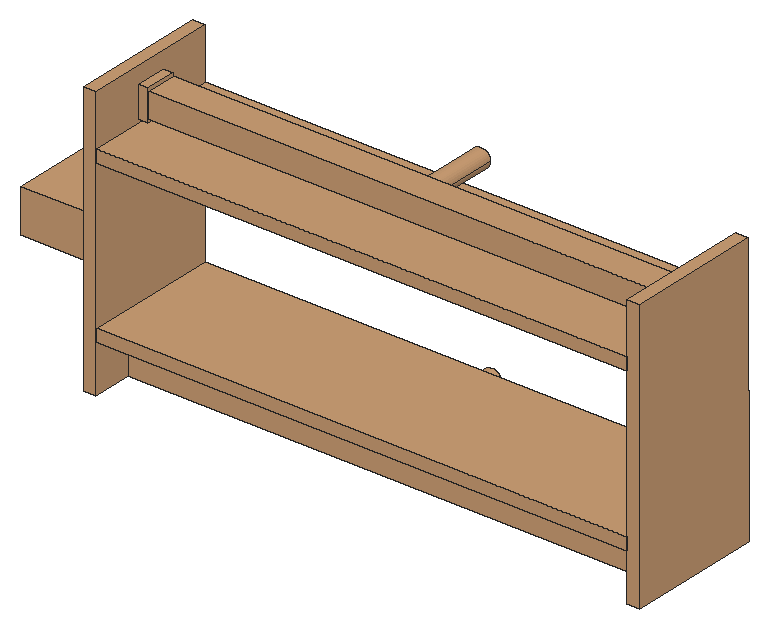
Revit family
Parameters
  Center Of Unit = 0' - 0"  # constant formula
  Water Pressure Drop [instance] = 0.00 psi
  Water Flow [instance] = 0 GPM
  Unit Weight (lbs) = 617
  URL = "http://www.ljwing.com/"
  Water Outlet Radius = 0' - 1 1/2"
  Water Outlet Odd sizes = 0' - 0"
  Total Heating Capacity [instance] = 0.0 Btu/h
  Temperature Rise [instance] = 0 °F
  Series = "VIFB"
  Outlet Area = 14.30 SF
  Number of Rows = 1  # constant formula
  Number of Coils [instance] = 0
  Nominal Length = 7' - 5 3/4"
  Model = "VA-8"
  Manufacturer = "LJ Wing"
  Leaving Water Temperature [instance] = 0 °F
  Leaving Air Temperature [instance] = 0 °F
  Face Velocity (FPM) [instance] = 0
  Entering Water Temperature [instance] = 0 °F
  Entering Air Temperature [instance] = 0 °F
  Description = "Vertical Integral Face & Bypass Water Heating Coils"
  Hot Water Odd Sizes = 0' - 0"
  Hot Water Inlet Offset = 0' - 4 3/8"  # constant formula
  Hot Water Inlet  Radius = 0' - 1 1/2"
  Coil Face Area = Outlet Area * 0.56  # 8.008 SF
  Casing Material = ""
  Assembly Code = "D3020300"
  Air Pressure Drop [instance] = 0.00 in-wg
  Air Inlet Width = Nominal Length - 0' 4"  # 7' - 1 3/4"
  Air Inlet Height = Y  # 2' - 0"
  Air Flow [instance] = 0 CFM
  Z = 0' - 2 1/8"
  Y = 2' - 0"
  S = 0' - 9 3/4"
  Product URL = "http://www.ljwing.com/html/vifb.asp"
  OmniClass = "23-75 70 21 14"
  Nominal Height = 3' - 8"
  Nominal Depth = 1' - 10"
  R = 0' - 10 1/4"
  Q = 0' - 2 7/8"
  P = 0' - 5 1/8"
  L = 0' - 5 15/16"
Reference planes (in)
  plane 1 "Center (Front/Back)": y = 0
  plane 2: z = -12
  plane 3 "Center (Left/Right)": x = 0
  plane 4: z = 22.25
  plane 5: x = -44.875
  plane 6: x = 44.875
  plane 7: z = -21.75
  plane 8: z = 0
  plane 9: y = -11
  plane 10: y = 11
  plane 11: z = 12
  plane 12: z = 14
  plane 13: z = -14
  plane 14: x = 42.875
  plane 15: x = -42.875
  plane 16: z = 17.125
  plane 17: z = -15.8125
  plane 18: x = -42
  plane 19: x = 42
  plane 20: y = 13.125
  plane 21: y = 15.375
  plane 22: x = -55.875
  plane 23: x = 0
  plane 24: x = 0
  plane 25: z = 19.125
  plane 26: z = 15.125
  plane 27: y = -2.5
  plane 28: y = 2.5
  plane 29: y = -4.5
Forms (in)
  Extrusion 1, solid, material "Painted Finish"
    sketch origin (0, 6, -9.75) x (1, 0, 0) y (0, 0, 1)
      loop
        line (-44.875, -12) -> (-42.875, -12) -> (-42.875, 32) -> (-44.875, 32) -> (-44.875, -12)
      loop
        line (44.875, -12) -> (44.875, 32) -> (42.875, 32) -> (42.875, -12) -> (44.875, -12)
    from -5 to 17
  Extrusion 2, solid, material "Painted Finish"
    sketch origin (0, 6, 0) x (1, 0, 0) y (0, 0, 1)
      loop
        line (42.875, -12) -> (-42.875, -12) -> (-42.875, -14) -> (42.875, -14) -> (42.875, -12)
      loop
        line (42.875, 12) -> (42.875, 14) -> (-42.875, 14) -> (-42.875, 12) -> (42.875, 12)
    from -5 to 17
  Extrusion 3, solid, material "Painted Finish"
    sketch origin (0, 10, -0.5) x (1, 0, 0) y (0, 0, 1)
      loop
        line (-44.875, 4) -> (-55.875, 4) -> (-55.875, -3) -> (-44.875, -3) -> (-44.875, 4)
    from 0 to 20
  Extrusion 4, solid, material "Painted Finish"
    sketch origin (0, 6, 0) x (1, 0, 0) y (0, 0, 1)
      loop
        line (-41.25, 19.125) -> (-41.25, 15.125) -> (41.25, 15.125) -> (41.25, 19.125) -> (-41.25, 19.125)
    from 3.5 to 8.5
  Extrusion 5, solid, material "Painted Finish"
    sketch origin (0, 0, 0) x (1, 0, 0) y (0, 0, 1)
      loop
        line (-41.25, 14.625) -> (-41.25, 19.625) -> (-42.875, 19.625) -> (-42.875, 14.625) -> (-41.25, 14.625)
      loop
        line (42.875, 14.625) -> (42.875, 19.625) -> (41.25, 19.625) -> (41.25, 14.625) -> (42.875, 14.625)
    from -2.5 to 2.5
  Extrusion 6, solid, material "Painted Finish"
    sketch origin (0, 23, 0) x (1, 0, 0) y (0, 0, 1)
      loop
        circle (0, 17.125) r 1.5
    from 9.875 to 20.5
  Extrusion 7, solid, material "Painted Finish"
    sketch origin (0, 6, 0) x (1, 0, 0) y (0, 0, 1)
      loop
        line (-42.875, -14) -> (-42.875, -21.75) -> (42.875, -21.75) -> (42.875, -14) -> (-42.875, -14)
    from -5 to 10.5
  Extrusion 8, solid, material "Painted Finish"
    sketch origin (0, 23, 0) x (1, 0, 0) y (0, 0, 1)
      loop
        circle (0, -15.8125) r 1.5
    from 7.625 to 12
  Extrusion 9, void
    sketch origin (0, 0, 0) x (1, 0, 0) y (0, 0, 1)
      loop
        line (-42.875, 12) -> (-42.875, -12) -> (42.875, -12) -> (42.875, 12) -> (-42.875, 12)
    from -11 to 11
Cuts and joins
  Extrusion 9 cuts Extrusion 1
  Extrusion 9 cuts Extrusion 2
Dimensions and locks (in)
  "Nominal Length": plane 6 to plane 5
  equal spacing: plane 6, plane 3 "Center (Left/Right)", plane 5
  "S": plane 2 to plane 7
  "Nominal Depth": plane 10 to plane 9
  equal spacing: plane 10, plane 1 "Center (Front/Back)", plane 9
  "Y": plane 11 to plane 2
  "R": plane 4 to plane 11
  locked: plane 12 to plane 11 at 2
  locked: plane 2 to plane 13 at 2
  "P": plane 4 to plane 16
  "L": plane 17 to plane 7
  "Q": plane 18 to plane 5
  "Q": plane 6 to plane 19
  "Z": plane 20 to plane 10
  "Hot Water Inlet Offset": plane 21 to plane 10
  locked: plane 5 to plane 22 at 11
  locked: Extrusion 3 sketch curve to Extrusion 3 sketch curve at 7
  locked: Extrusion 3 to Extrusion 3 at 20
  locked: plane 6 to plane 14 at 2
  locked: plane 15 to plane 5 at 2
  "Water Outlet Odd sizes": plane 23 to plane 3 "Center (Left/Right)"
  "Hot Water Odd Sizes": plane 3 "Center (Left/Right)" to plane 24
  equal spacing: plane 25, plane 16, plane 26
  locked: Extrusion 5 sketch curve to plane 25 at 0.5
  locked: plane 26 to Extrusion 5 sketch curve at 0.5
  locked: Extrusion 6 sketch curve to plane 16 at 0
  locked: Extrusion 6 sketch curve to plane 23 at 0
  locked: Extrusion 8 sketch curve to plane 17 at 0
  locked: Extrusion 8 sketch curve to plane 24 at 0
  locked: plane 25 to plane 26 at 4
  locked: plane 28 to plane 27 at 5
  equal spacing: plane 28, plane 1 "Center (Front/Back)", plane 27
  locked: plane 27 to plane 29 at 2
  plane 4 to plane 7 = 3' - 8"
  locked: Extrusion 5 sketch curve to Extrusion 1 at 1.625
  locked: Extrusion 5 sketch curve to Extrusion 5 sketch curve at 1.625
  locked: Extrusion 9 sketch curve to plane 11 at 0
  locked: Extrusion 9 sketch curve to plane 15 at 0
  locked: Extrusion 9 sketch curve to plane 14 at 0
  locked: Extrusion 9 sketch curve to plane 2 at 0
  equal spacing: plane 11, plane 8, plane 2
  "Water Outlet Radius": radius of Extrusion 6 sketch curve
  "Hot Water Inlet  Radius": radius of Extrusion 8 sketch curve
  aligned and locked: plane 9 to Extrusion 1
  aligned and locked: Extrusion 1 to plane 10
  aligned and locked: plane 15 to Extrusion 1
  aligned and locked: Extrusion 1 to plane 14
  aligned and locked: plane 9 to Extrusion 2
  aligned and locked: Extrusion 1 to plane 9
  aligned and locked: plane 10 to Extrusion 1  (x2)
  aligned and locked: Extrusion 2 to plane 10
  aligned and locked: plane 10 to Extrusion 2  (x2)
  aligned and locked: Extrusion 2 to plane 9  (x2)
  aligned and locked: plane 5 to Extrusion 3
  aligned and locked: Extrusion 5 sketch curve to plane 15
  aligned and locked: Extrusion 5 sketch curve to Extrusion 4
  aligned and locked: Extrusion 6 to plane 20
  aligned and locked: Extrusion 1 to Extrusion 7
  aligned and locked: plane 10 to Extrusion 8
  aligned and locked: Extrusion 8 to plane 21  (x2)
  aligned and locked: plane 27 to Extrusion 5
  aligned and locked: Extrusion 5 to Extrusion 4  (x2)
  aligned and locked: Extrusion 5 to plane 28
  aligned and locked: Extrusion 6 to Extrusion 4
  aligned and locked: plane 29 to Extrusion 7
  aligned and locked: Extrusion 8 to Extrusion 7
  aligned and locked: Extrusion 4 to Extrusion 5  (x2)
  aligned and locked: Extrusion 5 to Extrusion 1  (x2)
  aligned and locked: plane 2 to Extrusion 2
  aligned and locked: plane 6 to Extrusion 1 sketch curve
  aligned and locked: plane 14 to Extrusion 1 sketch curve
  aligned and locked: Extrusion 1 sketch curve to plane 15
  aligned and locked: Extrusion 1 sketch curve to plane 5
  aligned and locked: plane 7 to Extrusion 1 sketch curve  (x2)
  aligned and locked: Extrusion 1 sketch curve to plane 4  (x2)
  aligned and locked: Extrusion 2 sketch curve to plane 11
  aligned and locked: Extrusion 2 sketch curve to plane 12
  aligned and locked: Extrusion 2 sketch curve to plane 14  (x2)
  aligned and locked: Extrusion 2 sketch curve to plane 15  (x2)
  aligned and locked: Extrusion 2 sketch curve to plane 13
  aligned and locked: plane 2 to Extrusion 2 sketch curve
  aligned and locked: plane 13 to Extrusion 7 sketch curve
  aligned and locked: Extrusion 7 sketch curve to plane 7
  aligned and locked: Extrusion 7 sketch curve to plane 14
  aligned and locked: plane 15 to Extrusion 7 sketch curve
  aligned and locked: Extrusion 7 to plane 29
  aligned and locked: cut or joined group of Extrusion 1, Extrusion 9 to plane 10
Automatic sketch dimensions
  Extrusion 3 sketch curve to plane 22 = 0' - 0"
  Extrusion 3 sketch curve to plane 5 = 0' - 0"
  plane 8 to Extrusion 3 sketch curve = 0' - 3 1/2"
  Extrusion 4 sketch curve to plane 25 = 0' - 0"
  Extrusion 4 sketch curve to plane 26 = 0' - 0"
  plane 18 to Extrusion 4 sketch curve = 0' - 0 3/4"
  Extrusion 4 sketch curve to plane 19 = 0' - 0 3/4"
  plane 26 to Extrusion 5 sketch curve = 0' - 0 1/2"
  Extrusion 5 sketch curve to plane 25 = 0' - 0 1/2"
Connectors (in)
  hvac at (0, -11, 0), driven by "Air Inlet Height", driven by "Air Inlet Width", driven by "Air Flow", driven by "Air Pressure Drop"
    settings: on Extrusion 9, index 1
  hvac at (0, 11, 0), driven by "Air Pressure Drop", driven by "Air Inlet Height", driven by "Air Inlet Width", driven by "Air Flow"
    settings: on Extrusion 9, index 2
  piping at (0, 13.125, 17.125), driven by "Water Flow", driven by "Water Outlet Radius", driven by "Water Pressure Drop"
    settings: on Extrusion 6, index 3
  piping at (0, 15.375, -15.8125), driven by "Water Flow", driven by "Water Pressure Drop", driven by "Hot Water Inlet  Radius"
    settings: on Extrusion 8, index 4
